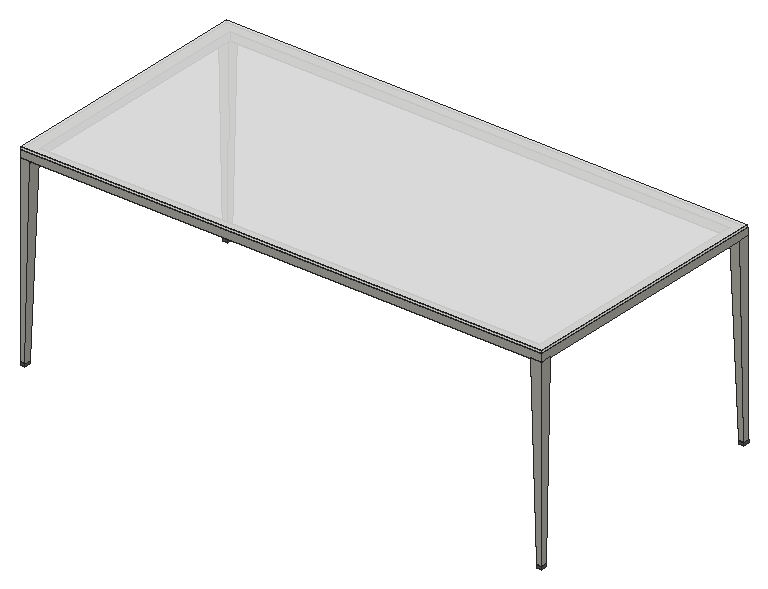
Revit family "Haworth_Janus_Slant_Table_Dining_Rectangle", category Furniture, Revit 2018
Family settings
  OmniClass Number = 23.40.70.14.64.21
  OmniClass Title = Systems Furniture
  Work Plane-Based = No
  Always vertical = Yes
  Cut with Voids When Loaded = No
  Shared = No
  Room Calculation Point = No
Parameters (values of type "HCJC-SL-TDR79-G")
  Warranty = "https://www.haworth.com/resources/product-info/warranties"
  URL - Product = "https://www.haworth.com/products/tables/outdoor/slant"
  Trim Finish [instance] = Haworth _ Paint _ Slant _ Sable
  Top Finish = Haworth _ Glass _ Frosted
  Standard Height = "29.5"  # constant formula
  Standard Depths = "39"  # constant formula
  Small = no
  Model = "HCJC-SL-TDR79-G"
  URL = "http://www.haworth.com/our-brands/haworth-collection"
  Size = "Verify Final Dim. w/ Haworth"  # constant formula
  Revision Number = "2"  # constant formula
  Manufacturer = "Haworth"  # constant formula
  Large = not(Small)  # yes
  Glide Finish = Haworth _ Polymer _ Black
  Description = "Haworth Janus Slant Rectangle Dining Table"
  Author = "Haworth (Abd Rahman)"  # constant formula
  Assembly Code = "E2020200"
  Actual Width = if(Large, 78 3/4", 39")  # 78 3/4"
  Actual Height = 29 1/2"  # constant formula
  Table Thickness = Actual Height - 3/8"  # 29 1/8"
  Actual Depth = 39"  # constant formula
Types (3): name | Small | Model | Large | Description | Actual Width
  (no name) | no | "HCJC-SL-TDR79-G" | yes | "Haworth Janus Slant Rectangle Dining Table" | 78 3/4"
  HCJC-SL-TDQ39-G | yes | "HCJC-SL-TDQ39-G" | no | "Haworth Janus Slant Square Dining Table" | 39"
  HCJC-SL-TDR79-G | no | "HCJC-SL-TDR79-G" | yes | "Haworth Janus Slant Rectangle Dining Table" | 78 3/4"
Reference planes (in)
  plane 1 "Center F/B": y = -0.15866
  plane 2 "Floor": z = 0
  plane 3 "Center L/R": x = 0
  plane 4 "Table Edge Left": x = -39.375
  plane 5 "Table Edge Right": x = 39.375
  plane 6 "Table Edge Back": y = -19.65866
  plane 7 "Table Edge Front": y = 19.34134
  plane 8 "Table Top Top": z = 29.5
  plane 9: z = 0
  plane 10 "Table Bottom": z = 23.36407
  plane 11: z = 0.3937
  plane 12: z = 29.125
  plane 13: z = 27.95275
  plane 14: z = 27.99275
  plane 15: through (0, -18.05717, 29.13386) normal (0, -1, 0.0022)
  plane 16: y = 17.80402
  plane 17: y = -18.06164
Forms (in)
  Extrusion 1, solid, material "Haworth _ Glass _ Frosted" <- "Top Finish"
    sketch origin (0, 0, 0) x (1, 0, 0) y (0, 1, 0)
      loop
        line (-39.375, 19.34134) -> (-39.375, -19.65866) -> (39.375, -19.65866) -> (39.375, 19.34134) -> (-39.375, 19.34134)
    from 29.125 to 29.5
  Extrusion 2, solid, material "Haworth _ Paint _ Slant _ Sable" <- "Trim Finish"
    sketch origin (0, 0, 0) x (1, 0, 0) y (0, 1, 0)
      loop
        line (-39.375, -18.06164) -> (-39.375, -19.65866) -> (39.375, -19.65866) -> (39.375, -18.06164) -> (-39.375, -18.06164)
    from 27.99275 to 29.125
  Extrusion 3, solid, material "Haworth _ Paint _ Slant _ Sable" <- "Trim Finish"
    sketch origin (0, 0, 0) x (1, 0, 0) y (0, 1, 0)
      loop
        line (37.74971, 19.34134) -> (37.74971, -19.65866) -> (39.375, -19.65866) -> (39.375, 19.34134) -> (37.74971, 19.34134)
    from 27.99275 to 29.125
  Extrusion 4, solid, material "Haworth _ Paint _ Slant _ Sable" <- "Trim Finish"
    sketch origin (0, 0, 0) x (-1, 0, 0) y (0, -1, 0)
      loop
        line (37.74971, -19.34134) -> (39.375, -19.34134) -> (39.375, 19.65866) -> (37.74971, 19.65866) -> (37.74971, -19.34134)
    from 27.99275 to 29.125
  Extrusion 5, solid, material "Haworth _ Paint _ Slant _ Sable" <- "Trim Finish"
    sketch origin (0, -0.31732, 0) x (1, 0, 0) y (0, 1, 0)
      loop
        line (-39.375, 18.12134) -> (39.375, 18.12134) -> (39.375, 19.65866) -> (-39.375, 19.65866) -> (-39.375, 18.12134)
    from 27.99275 to 29.125
  Extrusion 6, solid, material "Haworth _ Paint _ Slant _ Sable" <- "Trim Finish"
    sketch origin (0, 0, 0) x (1, 0, 0) y (0, 1, 0)
      loop
        line (37.74971, -18.06164) -> (37.74971, -19.65866) -> (39.375, -19.65866) -> (39.375, -18.06164) -> (37.74971, -18.06164)
      loop
        line (-37.74971, -18.06164) -> (-39.375, -18.06164) -> (-39.375, -19.65866) -> (-37.74971, -19.65866) -> (-37.74971, -18.06164)
      loop
        line (37.74971, 17.80402) -> (39.375, 17.80402) -> (39.375, 19.34134) -> (37.74971, 19.34134) -> (37.74971, 17.80402)
      loop
        line (-37.74971, 17.80402) -> (-37.74971, 19.34134) -> (-39.375, 19.34134) -> (-39.375, 17.80402) -> (-37.74971, 17.80402)
    from 0.3937 to 27.99275
  Extrusion 7, void
    sketch origin (0, 0, 0) x (0, 1, 0) y (0, 0, 1)
      loop
        line (-16.42395, 27.95275) -> (-18.067, 27.95275) -> (-18.84331, 0.3937) -> (-16.42395, 0.3937) -> (-16.42395, 27.95275)
    from -42.09774 to 43.97772
  Extrusion 8, void
    sketch origin (0, 0, 0) x (0, 1, 0) y (0, 0, 1)
      loop
        line (16.34134, 0.3937) -> (18.58144, 0.3937) -> (17.80515, 27.95275) -> (16.34134, 27.95275) -> (16.34134, 0.3937)
    from -41.48062 to 42.8813
  Extrusion 9, void
    sketch origin (0, -0.15866, 0) x (1, 0, 0) y (0, 0, 1)
      loop
        line (-36.125, 0.3937) -> (-36.125, 27.95275) -> (-37.88086, 27.95275) -> (-38.65716, 0.3937) -> (-36.125, 0.3937)
    from -21.43151 to 20.66167
  Extrusion 10, void
    sketch origin (-0.09375, -0.15866, 0) x (-1, 0, 0) y (0, 0, -1)
      loop
        line (-36.125, -0.3937) -> (-38.65716, -0.3937) -> (-37.88086, -27.95275) -> (-36.125, -27.95275) -> (-36.125, -0.3937)
    from -21.43151 to 20.66167
  Extrusion 11, solid, material "Haworth _ Polymer _ Black" <- "Glide Finish"
    sketch origin (0, -0.15866, 0) x (1, 0, 0) y (0, 0, 1)
      loop
        line (-38.65707, 0) -> (-38.65707, 0.3937) -> (-39.375, 0.3937) -> (-39.375, 0) -> (-38.65707, 0)
    from 18.68545 to 19.5
  Extrusion 12, solid, material "Haworth _ Polymer _ Black" <- "Glide Finish"
    sketch origin (0, -0.15866, 0) x (1, 0, 0) y (0, 0, -1)
      loop
        line (-38.65707, 0) -> (-39.375, 0) -> (-39.375, -0.3937) -> (-38.65707, -0.3937) -> (-38.65707, 0)
    from 18.68545 to 19.5
  Extrusion 13, solid, material "Haworth _ Polymer _ Black" <- "Glide Finish"
    sketch origin (0, -0.15866, 0) x (-1, 0, 0) y (0, 0, -1)
      loop
        line (-38.65707, 0) -> (-39.375, 0) -> (-39.375, -0.3937) -> (-38.65707, -0.3937) -> (-38.65707, 0)
    from 18.68545 to 19.5
  Extrusion 14, solid, material "Haworth _ Polymer _ Black" <- "Glide Finish"
    sketch origin (0, -0.15866, 0) x (-1, 0, 0) y (0, 0, 1)
      loop
        line (-38.65707, 0) -> (-38.65707, 0.3937) -> (-39.375, 0.3937) -> (-39.375, 0) -> (-38.65707, 0)
    from 18.68545 to 19.5
Cuts and joins
  joined: Extrusion 2, Extrusion 3, Extrusion 4, Extrusion 5
  Extrusion 7, Extrusion 8, Extrusion 9, Extrusion 10 cuts Extrusion 6
Lines and regions (in)
  Masking region 1
    outline origin (0, 0, 0) x (1, 0, 0) y (0, 1, 0)
      loop
        line (-39.375, 19.34134) -> (-39.375, -19.65866) -> (39.375, -19.65866) -> (39.375, 19.34134) -> (-39.375, 19.34134)
Dimensions and locks (in)
  "Actual Width": plane 4 "Table Edge Left" to plane 5 "Table Edge Right"
  plane 4 "Table Edge Left" to plane 3 "Center L/R" to plane 5 "Table Edge Right" = 39 3/8", 39 3/8"
  "Actual Depth": plane 7 "Table Edge Front" to plane 6 "Table Edge Back"
  equal spacing: plane 7 "Table Edge Front", plane 1 "Center F/B", plane 6 "Table Edge Back"
  "Actual Height": plane 9 to plane 8 "Table Top Top"
  "Actual Height": plane 8 "Table Top Top" to plane 9
  aligned and locked: Extrusion 1 sketch curve to plane 7 "Table Edge Front"
  aligned and locked: Extrusion 1 sketch curve to plane 5 "Table Edge Right"
  aligned and locked: plane 6 "Table Edge Back" to Extrusion 1 sketch curve
  aligned and locked: plane 4 "Table Edge Left" to Extrusion 1 sketch curve
  aligned and locked: plane 6 "Table Edge Back" to Extrusion 2 sketch curve
  aligned and locked: Extrusion 2 sketch curve to plane 5 "Table Edge Right"
  aligned and locked: plane 4 "Table Edge Left" to Extrusion 2 sketch curve
  aligned and locked: plane 8 "Table Top Top" to Extrusion 1
  aligned and locked: Extrusion 1 to plane 12
  aligned and locked: plane 12 to Extrusion 2
  aligned and locked: Extrusion 2 to plane 14
  aligned and locked: Extrusion 3 sketch curve to plane 7 "Table Edge Front"
  aligned and locked: plane 6 "Table Edge Back" to Extrusion 3 sketch curve
  aligned and locked: plane 12 to Extrusion 3
  aligned and locked: Extrusion 3 to plane 14
  aligned and locked: Extrusion 4 sketch curve to plane 4 "Table Edge Left"
  aligned and locked: Extrusion 4 sketch curve to plane 6 "Table Edge Back"
  aligned and locked: plane 7 "Table Edge Front" to Extrusion 4 sketch curve
  aligned and locked: plane 7 "Table Edge Front" to Extrusion 5 sketch curve
  aligned and locked: Extrusion 5 sketch curve to plane 16
  aligned and locked: plane 5 "Table Edge Right" to Extrusion 5 sketch curve
  aligned and locked: Extrusion 5 sketch curve to plane 4 "Table Edge Left"
  aligned and locked: Extrusion 6 sketch curve to plane 17
  aligned and locked: Extrusion 6 sketch curve to plane 5 "Table Edge Right"
  aligned and locked: plane 6 "Table Edge Back" to Extrusion 6 sketch curve
  aligned and locked: plane 14 to Extrusion 6
  aligned and locked: plane 5 "Table Edge Right" to Extrusion 6 sketch curve
  aligned and locked: plane 7 "Table Edge Front" to Extrusion 6 sketch curve
  aligned and locked: Extrusion 6 sketch curve to plane 16
  aligned and locked: plane 4 "Table Edge Left" to Extrusion 6 sketch curve
  aligned and locked: plane 16 to Extrusion 6 sketch curve
  aligned and locked: Extrusion 6 sketch curve to plane 7 "Table Edge Front"
  aligned and locked: Extrusion 6 sketch curve to plane 4 "Table Edge Left"
  aligned and locked: plane 17 to Extrusion 6 sketch curve
  aligned and locked: Extrusion 6 sketch curve to plane 6 "Table Edge Back"
  aligned and locked: plane 11 to Extrusion 7 sketch curve
  aligned and locked: plane 13 to Extrusion 7 sketch curve
  aligned and locked: cut or joined group of Extrusion 6, Extrusion 7, Extrusion 8, Extrusion 9, Extrusion 10 to plane 11
  aligned and locked: plane 11 to Extrusion 8 sketch curve
  aligned and locked: plane 13 to Extrusion 8 sketch curve
  aligned and locked: plane 11 to Extrusion 9 sketch curve
  aligned and locked: plane 13 to Extrusion 9 sketch curve
  aligned and locked: Extrusion 11 sketch curve to plane 11
  aligned and locked: level to Extrusion 11 sketch curve
  aligned and locked: plane 4 "Table Edge Left" to Extrusion 11 sketch curve
  aligned and locked: Masking region 1 sketch curve to plane 5 "Table Edge Right"
  aligned and locked: plane 6 "Table Edge Back" to Masking region 1 sketch curve
  aligned and locked: Masking region 1 sketch curve to plane 7 "Table Edge Front"
  aligned and locked: plane 4 "Table Edge Left" to Masking region 1 sketch curve
Automatic sketch dimensions
  Extrusion 3 sketch curve to plane 5 "Table Edge Right" = 0"
  Extrusion 3 sketch curve to Extrusion 3 sketch curve = 1.62529"
  Extrusion 4 sketch curve to plane 4 "Table Edge Left" = 1.62529"
  plane 4 "Table Edge Left" to Extrusion 6 sketch curve = 1.62529"
  Extrusion 6 sketch curve to Extrusion 6 sketch curve = 1.62529"  (x3)
  plane 17 to Extrusion 7 sketch curve = 1.63769"
  Extrusion 8 sketch curve to plane 16 = 1.46268"
  plane 4 "Table Edge Left" to Extrusion 9 sketch curve = 0.71784"
  plane 4 "Table Edge Left" to Extrusion 9 sketch curve = 1.49414"
  Extrusion 9 sketch curve to Extrusion 9 sketch curve = 1.75586"
  Extrusion 10 sketch curve to plane 11 = 0"
  Extrusion 10 sketch curve to plane 13 = 0"
  plane 5 "Table Edge Right" to Extrusion 10 sketch curve = 0.81159"
  plane 5 "Table Edge Right" to Extrusion 10 sketch curve = 1.58789"
  Extrusion 10 sketch curve to Extrusion 10 sketch curve = 1.75586"
  plane 4 "Table Edge Left" to Extrusion 11 sketch curve = 0.71793"
  Extrusion 12 sketch curve to level = 0"
  Extrusion 12 sketch curve to plane 4 "Table Edge Left" = 0"
  Extrusion 12 sketch curve to plane 11 = 0"
  plane 4 "Table Edge Left" to Extrusion 12 sketch curve = 0.71793"
  Extrusion 13 sketch curve to level = 0"
  Extrusion 13 sketch curve to plane 5 "Table Edge Right" = 0"
  Extrusion 13 sketch curve to plane 11 = 0"
  plane 5 "Table Edge Right" to Extrusion 13 sketch curve = 0.71793"
  Extrusion 14 sketch curve to level = 0"
  Extrusion 14 sketch curve to plane 5 "Table Edge Right" = 0"
  Extrusion 14 sketch curve to plane 11 = 0"
  Extrusion 14 sketch curve to plane 5 "Table Edge Right" = 0.71793"
  Extrusion 2 sketch curve to plane 17 = 0"
  Extrusion 7 sketch curve to plane 17 = 0.00536"
  Extrusion 7 sketch curve to plane 17 = 0.78167"
  plane 16 to Extrusion 8 sketch curve = 0.00113"
  Extrusion 8 sketch curve to plane 7 "Table Edge Front" = 0.7599"
